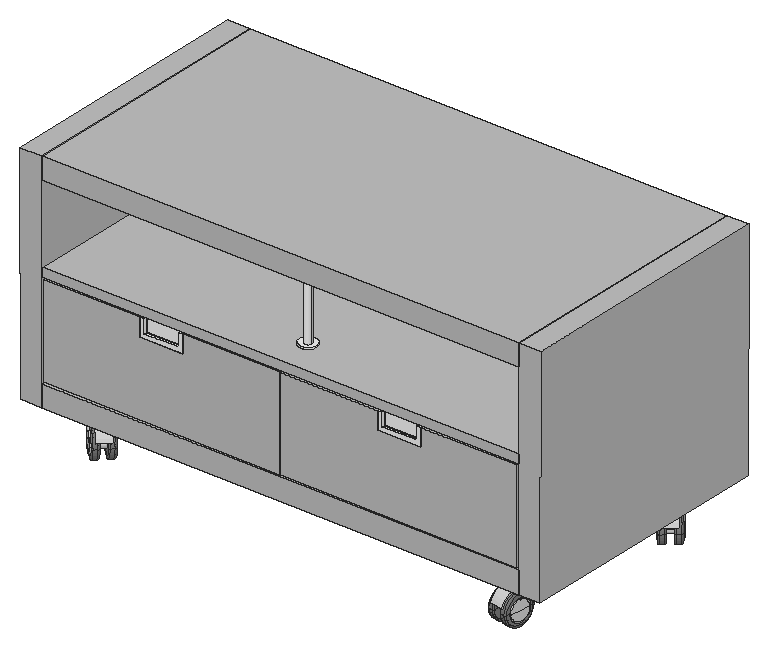
Revit family
Parameters (values of type "PretoCastanho")
  Type Comments = ""
  Puxador = IKEA-Puxador
  Model = "EXPEDIT"
  Material = IKEA-PretoCastanho
  Manufacturer = "IKEA"
  Description = ""
  Assembly Code = "E1020230"
Types (5, lengths in mm): name | Material
  (no name) | IKEA-PretoCastanho
  Branco | IKEA-Branco
  PretoCastanho | IKEA-PretoCastanho
  Betula | IKEA-Betula
  Faia | IKEA-Faia
Reference planes
  plane 1 "Center (Front/Back)": y = 0
  plane 2: z = 0
  plane 3 "Center (Left/Right)": x = 0
Forms (mm)
  Extrusion 1, solid, material "IKEA-PretoCastanho" <- "Material"
    sketch origin (0, 0, 690) x (0, 0, -1) y (0, 1, 0)
      loop
        line (590, 0) -> (590, 600) -> (70, 600) -> (70, 0) -> (590, 0)
    from 0 to 50
  Extrusion 2, solid, material "IKEA-PretoCastanho" <- "Material"
    sketch origin (1262.5, 0, -100) x (0, 0, 1) y (0, 1, 0)
      loop
        line (720, 0) -> (720, 600) -> (200, 600) -> (200, 0) -> (720, 0)
    from 112.5 to 62.5
  Extrusion 3, solid, material "IKEA-PretoCastanho" <- "Material"
    sketch origin (830, 210, 620) x (0, 1, 0) y (-1, 0, 0)
      loop
        line (-210, 780) -> (-210, -320) -> (390, -320) -> (390, 780) -> (-210, 780)
    from 0 to -50
  Extrusion 4, solid, material "IKEA-PretoCastanho" <- "Material"
    sketch origin (660, 0, 100) x (1, 0, 0) y (0, 1, 0)
      loop
        line (490, 0) -> (490, 600) -> (-610, 600) -> (-610, 0) -> (490, 0)
    from 0 to 50
  Extrusion 5, solid, material "IKEA-PretoCastanho" <- "Material"
    sketch origin (590, 0, 690) x (0, 0, -1) y (0, 1, 0)
      loop
        line (540, 20) -> (540, 580) -> (320, 580) -> (320, 20) -> (540, 20)
    from 0 to 20
  Extrusion 6, solid, material "IKEA-PretoCastanho" <- "Material"
    sketch origin (-420, 0, 370) x (1, 0, 0) y (0, 1, 0)
      loop
        line (1570, 0) -> (1570, 600) -> (470, 600) -> (470, 0) -> (1570, 0)
    from 0 to 20
  Extrusion 7, solid, material "IKEA-PretoCastanho" <- "Material"
    sketch origin (2101.329, 600, 100) x (-1, 0, 0) y (0, 0, 1)
      loop
        line (951.329, 270) -> (951.329, 50) -> (2051.329, 50) -> (2051.329, 270) -> (951.329, 270)
    from 0 to -20
  Extrusion 8, solid, material "IKEA-PretoCastanho" <- "Material"
    sketch origin (2101.329, 0, 100) x (-1, 0, 0) y (0, 0, -1)
      loop
        line (2047.329, -54) -> (1503.329, -54) -> (1503.329, -266) -> (1725.329, -266) -> (1725.329, -226) -> (1825.329, -226) -> (1825.329, -266) -> (2047.329, -266) -> (2047.329, -54)
      loop
        line (955.329, -54) -> (955.329, -266) -> (1177.329, -266) -> (1177.329, -226) -> (1277.329, -226) -> (1277.329, -266) -> (1499.329, -266) -> (1499.329, -54) -> (955.329, -54)
    from 0 to -20
  Extrusion 9, solid, material "IKEA-Puxador" <- "Puxador"
    sketch origin (2101.329, 20, 100) x (1, 0, 0) y (0, 0, -1)
      loop
        line (-1277.329, -266) -> (-1177.329, -266) -> (-1177.329, -226) -> (-1277.329, -226) -> (-1277.329, -266)
    from 0 to -5
  Extrusion 10, solid, material "IKEA-Puxador" <- "Puxador"
    sketch origin (2101.329, 15, 100) x (1, 0, 0) y (0, 0, -1)
      loop
        line (-1277.329, -266) -> (-1272.329, -266) -> (-1272.329, -231) -> (-1182.329, -231) -> (-1182.329, -266) -> (-1177.329, -266) -> (-1177.329, -226) -> (-1277.329, -226) -> (-1277.329, -266)
    from 0 to -10
  Extrusion 11, solid, material "IKEA-Puxador" <- "Puxador"
    sketch origin (2101.329, 5, 100) x (1, 0, 0) y (0, 0, -1)
      loop
        line (-1277.329, -266) -> (-1267.329, -266) -> (-1267.329, -236) -> (-1187.329, -236) -> (-1187.329, -266) -> (-1177.329, -266) -> (-1177.329, -226) -> (-1277.329, -226) -> (-1277.329, -266)
    from 0 to -5
  Extrusion 12, solid, material "IKEA-Puxador" <- "Puxador"
    sketch origin (1553.329, 20, 100) x (1, 0, 0) y (0, 0, -1)
      loop
        line (-1277.329, -266) -> (-1177.329, -266) -> (-1177.329, -226) -> (-1277.329, -226) -> (-1277.329, -266)
    from 0 to -5
  Extrusion 13, solid, material "IKEA-Puxador" <- "Puxador"
    sketch origin (1553.329, 15, 100) x (1, 0, 0) y (0, 0, -1)
      loop
        line (-1277.329, -266) -> (-1272.329, -266) -> (-1272.329, -231) -> (-1182.329, -231) -> (-1182.329, -266) -> (-1177.329, -266) -> (-1177.329, -226) -> (-1277.329, -226) -> (-1277.329, -266)
    from 0 to -10
  Extrusion 14, solid, material "IKEA-Puxador" <- "Puxador"
    sketch origin (1553.329, 5, 100) x (1, 0, 0) y (0, 0, -1)
      loop
        line (-1277.329, -266) -> (-1267.329, -266) -> (-1267.329, -236) -> (-1187.329, -236) -> (-1187.329, -266) -> (-1177.329, -266) -> (-1177.329, -226) -> (-1277.329, -226) -> (-1277.329, -266)
    from 0 to -5
  Extrusion 15, solid, material "IKEA-Puxador" <- "Puxador"
    sketch origin (-420, -220, 390) x (1, 0, 0) y (0, 1, 0)
      loop
        circle (1020, 300) r 20
    from 0 to 3
  Extrusion 16, solid, material "IKEA-Puxador" <- "Puxador"
    sketch origin (-420, -220, 567) x (1, 0, 0) y (0, 1, 0)
      loop
        circle (1020, 300) r 20
    from 0 to 3
  Extrusion 17, solid, material "IKEA-Puxador" <- "Puxador"
    sketch origin (-420, -220, 393) x (1, 0, 0) y (0, 1, 0)
      loop
        circle (1020, 300) r 8
    from 0 to 174
Cuts and joins
  joined: Extrusion 9, Extrusion 10, Extrusion 11
  joined: Extrusion 12, Extrusion 13, Extrusion 14
  joined: Extrusion 15, Extrusion 16, Extrusion 17
Lines and regions (mm)
  symbolic lines
    curve 1: line (0, 600, 0) -> (1200, 600, 0)
    curve 2: line (0, 0, 0) -> (0, 600, 0)
    curve 3: line (1200, 0, 0) -> (0, 0, 0)
    curve 4: line (1200, 600, 0) -> (1200, 0, 0)
Dimensions and locks
  Extrusion 2 to Extrusion 1 = 1200 mm
  Extrusion 3 to Extrusion 4 = 520 mm
  Extrusion 5 to Extrusion 1 = 540 mm
  Extrusion 2 to Extrusion 5 = 540 mm
  plane 1 "Center (Front/Back)" to Extrusion 3 = 600 mm
  Extrusion 6 to Extrusion 4 = 220 mm
  Extrusion 3 to Extrusion 6 = 180 mm
  aligned and locked: Extrusion 1 to Extrusion 3
  aligned and locked: Extrusion 1 to Extrusion 4
  aligned and locked: Extrusion 2 to Extrusion 4
  aligned and locked: Extrusion 2 to Extrusion 3
  aligned and locked: Extrusion 4 to Extrusion 5
  aligned and locked: Extrusion 1 to Extrusion 6
Nested families
  nested 1: "Rodas_H=100mm" at (1100, 100, 0) x (0.9877, -0.1564, 0) z (0, 0, 1), type "Rodas_H=100mm"
  nested 2: "Rodas_H=100mm" at (1100, 500, 0) x (0.7771, 0.6293, 0) z (0, 0, 1), type "Rodas_H=100mm"
  nested 3: "Rodas_H=100mm" at (100, 500, 0) x (-0.7431, 0.6691, 0) z (0, 0, 1), type "Rodas_H=100mm"
  nested 4: "Rodas_H=100mm" at (100, 100, 0) x (0.6947, 0.7193, 0) z (0, 0, 1), type "Rodas_H=100mm"
Definition of nested family "Rodas_H=100mm"
  Parameters
    Rodas = IKEA-PlasticoPreto
    Apoio = IKEA-Aluminium
    Plasticos = IKEA-PlasticoCinza
  Reference planes
    plane 1 "Center (Front/Back)": y = 0
    plane 2: z = 0
    plane 3 "Center (Left/Right)": x = 0
  Forms (mm)
    Revolve 1, solid, material "IKEA-PlasticoCinza" <- "Plasticos"
      sketch origin (-23, 50, 35) x (1, 0, 0) y (0, 1, 0)
        loop
          line (0, -100) -> (0, -75)
          arc (0, -75) -> (-1.414, -75.586) -> (-2, -77) r 2
          line (-2, -77) -> (-2, -100) -> (0, -100)
        axis (0, -100) -> (-2, -100)
      angle from 0 to 360
    Revolve 2, solid, material "IKEA-PlasticoPreto" <- "Rodas"
      sketch origin (-8, 50, 35) x (1, 0, 0) y (0, 1, 0)
        loop
          line (0, -100) -> (0, -68)
          arc (0, -68) -> (-0.879, -65.879) -> (-3, -65) r 3
          line (-3, -65) -> (-12, -65)
          arc (-12, -65) -> (-14.121, -65.879) -> (-15, -68) r 3
          line (-15, -68) -> (-15, -100) -> (0, -100)
        axis (0, -100) -> (-15, -100)
      angle from 0 to 360
    Revolve 3, solid, material "IKEA-PlasticoCinza" <- "Plasticos"
      sketch origin (23, 50, 35) x (-1, 0, 0) y (0, -1, 0)
        loop
          line (0, 100) -> (-2, 100) -> (-2, 77)
          arc (-2, 77) -> (-1.414, 75.586) -> (0, 75) r 2
          line (0, 75) -> (0, 100)
        axis (0, 100) -> (-2, 100)
      angle from 0 to 360
    Revolve 4, solid, material "IKEA-PlasticoPreto" <- "Rodas"
      sketch origin (8, 50, 35) x (-1, 0, 0) y (0, -1, 0)
        loop
          line (0, 100) -> (-15, 100) -> (-15, 68)
          arc (-15, 68) -> (-14.121, 65.879) -> (-12, 65) r 3
          line (-12, 65) -> (-3, 65)
          arc (-3, 65) -> (-0.879, 65.879) -> (0, 68) r 3
          line (0, 68) -> (0, 100)
        axis (0, 100) -> (-15, 100)
      angle from 0 to 360
    Extrusion 5, solid, material "IKEA-Aluminium" <- "Apoio"
      sketch origin (-25, 0, 100) x (1, 0, 0) y (0, 1, 0)
        loop
          circle (25, 0) r 10
      from 0 to -15
    Extrusion 6, solid, material "IKEA-Aluminium" <- "Apoio"
      sketch origin (-25, 0, 85) x (1, 0, 0) y (0, 1, 0)
        loop
          circle (25, 0) r 15
      from 0 to -5
    Extrusion 7, solid, material "IKEA-Aluminium" <- "Apoio"
      sketch origin (8, 1497.579, 0) x (0, -1, 0) y (0, 0, 1)
        loop
          line (1487.579, 80) -> (1487.579, 58.315)
          arc (1487.579, 58.315) -> (1489.145, 52.942) -> (1493.353, 49.252) r 10
          line (1493.353, 49.252) -> (1533.22, 30.662)
          arc (1533.22, 30.662) -> (1549.772, 20.161) -> (1562.579, 35) r 15
          arc (1562.579, 35) -> (1555.838, 47.522) -> (1541.673, 48.788) r 15
          line (1541.673, 48.788) -> (1507.579, 64.686) -> (1507.579, 80) -> (1487.579, 80)
      from 0 to 16
    Extrusion 8, solid, material "IKEA-PlasticoCinza" <- "Plasticos"
      sketch origin (8, 1497.579, 40) x (0, -1, 0) y (0, 0, 1)
        loop
          arc (1510.579, -5) -> (1541.154, 31.438) -> (1582.348, 7.655) r 37
          line (1582.348, 7.655) -> (1584.227, 8.339)
          arc (1584.227, 8.339) -> (1540.807, 33.408) -> (1508.579, -5) r 39
          line (1508.579, -5) -> (1510.579, -5)
      from -7 to 23
